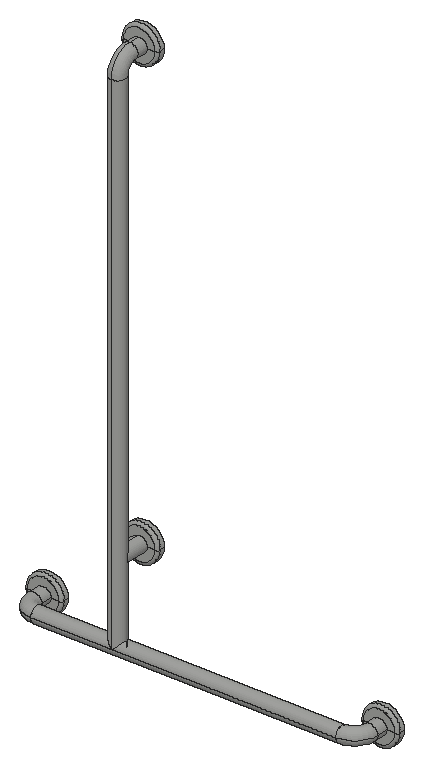
Revit family "RBA4806-711", category Plumbing Fixtures, Revit 2021
Family settings
  Round Connector Dimension = Use Diameter
  Part Type = Normal
  Work Plane-Based = No
  Always vertical = No
  Cut with Voids When Loaded = No
  Shared = No
  Room Calculation Point = No
Parameters (values of type "RBA4806-711-LH")
  Watermarked By = "www.rba.com.au"
  URL = "www.rba.com.au"
  Right Hand Rail = no
  Phone Number = "1300 788 778"
  OFFSET [instance] = 800 mm
  Modified Issue = "20161215.01"
  Model = "RBA4801-711-RH"
  Materials and Finishes = Brushed Gunmetal
  Manufacturer = "RBA Group"
  Left Hand Rail = yes
  Horizontal Rail = yes
  Diameter = 32 mm
  Description = "RTA SSS T-Rail Right Hand"
  Default Elevation = 0 mm
  Copyright by = "RBA Group"
Types (3, lengths in mm): name | Right Hand Rail | Left Hand Rail
  (no name) | no | yes
  RBA4806-711-LH | no | yes
  RBA4806-711-RH | yes | no
Reference planes
  plane 1 "Center (Front/Back)": y = 0
  plane 2: z = 0
  plane 3 "Center (Left/Right)": x = 0
  plane 4: z = 800
  plane 5: x = -500
  plane 6: x = 175
  plane 7: x = -16
  plane 8: x = 16
Forms (mm)
  Sweep 1, solid, material "Brushed Gunmetal" <- "Materials and Finishes", visible <- "Horizontal Rail"
    path origin (0, 0, 0) x (-1, 0, 0) y (0, -1, 0)
      loop
        line (-187.5, 10) -> (-187.5, 39)
        arc (-187.5, 39) -> (-178.127, 61.627) -> (-155.5, 71) r 32
        line (-155.5, 71) -> (480.5, 71)
        arc (480.5, 71) -> (503.127, 61.627) -> (512.5, 39) r 32
        line (512.5, 39) -> (512.5, 10)
    profile origin (187.5, -24.5, 0) x (1, 0, 0) y (0, 0, 1)
      loop
        circle (0, 784) r 16
  Revolve 2, solid, material "Brushed Gunmetal" <- "Materials and Finishes", visible <- "Horizontal Rail"
    sketch origin (12.98, 0, 784) x (-1, 0, 0) y (0, -1, 0)
      loop
        line (-175, 0) -> (-175, 15) -> (-208.179, 15)
        arc (-208.179, 15) -> (-212.295, 13.295) -> (-214, 9.179) r 5.821
        line (-214, 9.179) -> (-214, 0) -> (-175, 0)
      axis (-175, 15) -> (-175, 0)
    angle from 0 to 360
  Extrusion 3, solid, material "Brushed Gunmetal" <- "Materials and Finishes", visible <- "Horizontal Rail"
    sketch origin (100.48, 0, 0) x (-1, 0, 0) y (0, 0, -1)
      loop
        circle (-87.5, -784) r 37.5
    from 0 to 10
  Extrusion 4, solid, material "Brushed Gunmetal" <- "Materials and Finishes", visible <- "Horizontal Rail"
    sketch origin (-599.52, 0, 0) x (-1, 0, 0) y (0, 0, -1)
      loop
        circle (-87.5, -784) r 37.5
    from 0 to 10
  Extrusion 5, solid, material "Brushed Gunmetal" <- "Materials and Finishes", visible <- "Left Hand Rail"
    sketch origin (-399.52, 0, 1096) x (-1, 0, 0) y (0, 0, -1)
      loop
        circle (-87.5, -784) r 37.5
    from 0 to 10
  Extrusion 6, void
    sketch origin (12.98, 0, 1100) x (-1, 0, 0) y (0, 0, -1)
      loop
        circle (-151.428, 301.836) r 5
      loop
        circle (-151.428, 330.164) r 5
      loop
        circle (-198.572, 301.836) r 5
      loop
        circle (-174.52, 343.496) r 5
      loop
        circle (-198.572, 330.164) r 5
    from 0 to 10
  Extrusion 7, void
    sketch origin (-687.02, 0, 1100) x (-1, 0, 0) y (0, 0, -1)
      loop
        circle (-151.428, 301.836) r 5
      loop
        circle (-151.428, 330.164) r 5
      loop
        circle (-198.572, 301.836) r 5
      loop
        circle (-174.52, 343.496) r 5
      loop
        circle (-198.572, 330.164) r 5
    from 0 to 10
  Revolve 8, solid, material "Brushed Gunmetal" <- "Materials and Finishes", visible <- "Horizontal Rail"
    sketch origin (-687.02, 0, 784) x (-1, 0, 0) y (0, -1, 0)
      loop
        line (-175, 0) -> (-175, 15) -> (-208.179, 15)
        arc (-208.179, 15) -> (-212.295, 13.295) -> (-214, 9.179) r 5.821
        line (-214, 9.179) -> (-214, 0) -> (-175, 0)
      axis (-175, 15) -> (-175, 0)
    angle from 0 to 360
  Extrusion 9, solid, material "Brushed Gunmetal" <- "Materials and Finishes", visible <- "Left Hand Rail"
    sketch origin (-399.52, 0, 166) x (-1, 0, 0) y (0, 0, -1)
      loop
        circle (-87.5, -784) r 37.5
    from 0 to 10
  Revolve 10, solid, material "Brushed Gunmetal" <- "Materials and Finishes", visible <- "Left Hand Rail"
    sketch origin (-487.02, 0, 949.868) x (-1, 0, 0) y (0, -1, 0)
      loop
        line (-175, 0) -> (-175, 15) -> (-208.179, 15)
        arc (-208.179, 15) -> (-212.295, 13.295) -> (-214, 9.179) r 5.821
        line (-214, 9.179) -> (-214, 0) -> (-175, 0)
      axis (-175, 15) -> (-175, 0)
    angle from 0 to 360
  Extrusion 11, void
    sketch origin (-158, 0, 0) x (1, 0, 0) y (0, 0, 1)
      loop
        circle (-177.592, 964.164) r 5
      loop
        circle (-177.592, 935.836) r 5
      loop
        circle (-130.448, 964.164) r 5
      loop
        circle (-154.5, 922.504) r 5
      loop
        circle (-130.448, 935.836) r 5
    from 0 to 10
  Sweep 12, solid, material "Brushed Gunmetal" <- "Materials and Finishes", visible <- "Left Hand Rail"
    path origin (-312.5, 0, 0) x (0, 1, 0) y (0, 0, -1)
      loop
        line (-10, -1880) -> (-39, -1880)
        arc (-39, -1880) -> (-61.627, -1870.627) -> (-71, -1848) r 32
        line (-71, -1848) -> (-71, -784)
    profile origin (-312.5, -24.5, 1880) x (0, 0, 1) y (-1, 0, 0)
      loop
        circle (0, 0) r 16
  Sweep 13, solid, material "Brushed Gunmetal" <- "Materials and Finishes", visible <- "Left Hand Rail"
    path origin (-312.5, 0, 360) x (0, 1, 0) y (0, 0, -1)
      loop
        line (-71, -590) -> (-10, -590)
    profile origin (-312.5, -40.5, 950) x (0, 0, -1) y (-1, 0, 0)
      loop
        circle (0, 0) r 16
  Revolve 14, solid, material "Brushed Gunmetal" <- "Materials and Finishes", visible <- "Left Hand Rail"
    sketch origin (-487.02, 0, 1880) x (-1, 0, 0) y (0, -1, 0)
      loop
        line (-175, 0) -> (-175, 15) -> (-208.179, 15)
        arc (-208.179, 15) -> (-212.295, 13.295) -> (-214, 9.179) r 5.821
        line (-214, 9.179) -> (-214, 0) -> (-175, 0)
      axis (-175, 15) -> (-175, 0)
    angle from 0 to 360
  Extrusion 15, void
    sketch origin (0, 0, 0) x (1, 0, 0) y (0, 0, 1)
      loop
        circle (-335.592, 1894.164) r 5
      loop
        circle (-335.592, 1865.836) r 5
      loop
        circle (-288.448, 1894.164) r 5
      loop
        circle (-312.5, 1852.504) r 5
      loop
        circle (-288.448, 1865.836) r 5
    from 0 to 10
  Extrusion 16, solid, material "Brushed Gunmetal" <- "Materials and Finishes", visible <- "Right Hand Rail"
    sketch origin (-99.52, 0, 1096) x (-1, 0, 0) y (0, 0, -1)
      loop
        circle (-87.5, -784) r 37.5
    from 0 to 10
  Extrusion 17, solid, material "Brushed Gunmetal" <- "Materials and Finishes", visible <- "Right Hand Rail"
    sketch origin (-99.52, 0, 166) x (-1, 0, 0) y (0, 0, -1)
      loop
        circle (-87.5, -784) r 37.5
    from 0 to 10
  Revolve 18, solid, material "Brushed Gunmetal" <- "Materials and Finishes", visible <- "Right Hand Rail"
    sketch origin (-187.02, 0, 949.868) x (-1, 0, 0) y (0, -1, 0)
      loop
        line (-175, 0) -> (-175, 15) -> (-208.179, 15)
        arc (-208.179, 15) -> (-212.295, 13.295) -> (-214, 9.179) r 5.821
        line (-214, 9.179) -> (-214, 0) -> (-175, 0)
      axis (-175, 15) -> (-175, 0)
    angle from 0 to 360
  Extrusion 19, void
    sketch origin (142, 0, 0) x (1, 0, 0) y (0, 0, 1)
      loop
        circle (-177.592, 964.164) r 5
      loop
        circle (-177.592, 935.836) r 5
      loop
        circle (-130.448, 964.164) r 5
      loop
        circle (-154.5, 922.504) r 5
      loop
        circle (-130.448, 935.836) r 5
    from 0 to 10
  Sweep 20, solid, material "Brushed Gunmetal" <- "Materials and Finishes", visible <- "Right Hand Rail"
    path origin (-12.5, 0, 0) x (0, 1, 0) y (0, 0, -1)
      loop
        line (-10, -1880) -> (-39, -1880)
        arc (-39, -1880) -> (-61.627, -1870.627) -> (-71, -1848) r 32
        line (-71, -1848) -> (-71, -784)
    profile origin (-12.5, -24.5, 1880) x (0, 0, 1) y (-1, 0, 0)
      loop
        circle (0, 0) r 16
  Sweep 21, solid, material "Brushed Gunmetal" <- "Materials and Finishes", visible <- "Right Hand Rail"
    path origin (-12.5, 0, 360) x (0, 1, 0) y (0, 0, -1)
      loop
        line (-71, -590) -> (-10, -590)
    profile origin (-12.5, -40.5, 950) x (0, 0, -1) y (-1, 0, 0)
      loop
        circle (0, 0) r 16
  Revolve 22, solid, material "Brushed Gunmetal" <- "Materials and Finishes", visible <- "Right Hand Rail"
    sketch origin (-187.02, 0, 1880) x (-1, 0, 0) y (0, -1, 0)
      loop
        line (-175, 0) -> (-175, 15) -> (-208.179, 15)
        arc (-208.179, 15) -> (-212.295, 13.295) -> (-214, 9.179) r 5.821
        line (-214, 9.179) -> (-214, 0) -> (-175, 0)
      axis (-175, 15) -> (-175, 0)
    angle from 0 to 360
  Extrusion 23, void
    sketch origin (300, 0, 0) x (1, 0, 0) y (0, 0, 1)
      loop
        circle (-335.592, 1894.164) r 5
      loop
        circle (-335.592, 1865.836) r 5
      loop
        circle (-288.448, 1894.164) r 5
      loop
        circle (-312.5, 1852.504) r 5
      loop
        circle (-288.448, 1865.836) r 5
    from 0 to 10
Cuts and joins
  Extrusion 6 cuts Extrusion 3
  Extrusion 7 cuts Extrusion 4
  Extrusion 6 cuts Revolve 2
  Extrusion 7 cuts Revolve 8
  joined: Sweep 1, Revolve 2, Revolve 8
  Extrusion 11, Extrusion 19 cuts Extrusion 9
  Extrusion 11, Extrusion 19 cuts Revolve 10
  Extrusion 15, Extrusion 23 cuts Extrusion 5
  Extrusion 15, Extrusion 23 cuts Revolve 14
  Extrusion 19 cuts Extrusion 17
  Extrusion 19 cuts Revolve 18
  Extrusion 23 cuts Extrusion 16
  Extrusion 23 cuts Revolve 22
Dimensions and locks
  "OFFSET": plane 4 to level
  aligned and locked: level to plane 2
Automatic sketch dimensions
  plane 1 "Center (Front/Back)" to Sweep 1 sketch curve = 39 mm  (x2)
  plane 3 "Center (Left/Right)" to Sweep 1 sketch curve = 187.5 mm
  Sweep 1 sketch curve to Sweep 1 sketch curve = 32 mm
  Sweep 1 sketch curve to Sweep 1 sketch curve = 636 mm
  plane 1 "Center (Front/Back)" to Sweep 1 sketch curve = 10 mm  (x2)
  profile plane to Sweep 1 sketch curve = 0 mm
  profile plane to Sweep 1 sketch curve = 784 mm
  plane 1 "Center (Front/Back)" to Revolve 2 sketch curve = 0 mm  (x2)
  plane 1 "Center (Front/Back)" to Revolve 2 sketch curve = 9.179 mm
  plane 3 "Center (Left/Right)" to Revolve 2 sketch curve = 226.98 mm
  Revolve 2 sketch curve to Revolve 2 sketch curve = 5.821 mm
  Revolve 2 sketch curve to Revolve 2 sketch curve = 33.179 mm
  Revolve 2 sketch curve to Revolve 2 sketch curve = 0 mm
  Revolve 2 sketch curve to plane 1 "Center (Front/Back)" = 10 mm
  Extrusion 3 sketch curve to plane 4 = 16 mm
  plane 3 "Center (Left/Right)" to Extrusion 3 sketch curve = 187.98 mm
  Extrusion 4 sketch curve to plane 4 = 16 mm
  Extrusion 4 sketch curve to plane 3 "Center (Left/Right)" = 512.02 mm
  Extrusion 5 sketch curve to plane 3 "Center (Left/Right)" = 312.02 mm
  plane 4 to Extrusion 5 sketch curve = 1080 mm
  Extrusion 6 sketch curve to plane 4 = 1.836 mm  (x2)
  plane 3 "Center (Left/Right)" to Extrusion 6 sketch curve = 211.552 mm
  Extrusion 6 sketch curve to Extrusion 6 sketch curve = 0 mm  (x2)
  Extrusion 6 sketch curve to Extrusion 6 sketch curve = 24.052 mm
  Extrusion 6 sketch curve to Extrusion 6 sketch curve = 23.092 mm
  Extrusion 6 sketch curve to Extrusion 6 sketch curve = 28.327 mm  (x2)
  Extrusion 6 sketch curve to Extrusion 6 sketch curve = 13.332 mm
  Extrusion 7 sketch curve to plane 4 = 1.836 mm  (x2)
  Extrusion 7 sketch curve to plane 3 "Center (Left/Right)" = 488.448 mm
  Extrusion 7 sketch curve to Extrusion 7 sketch curve = 0 mm  (x2)
  Extrusion 7 sketch curve to Extrusion 7 sketch curve = 24.052 mm
  Extrusion 7 sketch curve to Extrusion 7 sketch curve = 23.092 mm
  Extrusion 7 sketch curve to Extrusion 7 sketch curve = 28.327 mm  (x2)
  Extrusion 7 sketch curve to Extrusion 7 sketch curve = 13.332 mm
  plane 1 "Center (Front/Back)" to Revolve 8 sketch curve = 0 mm  (x2)
  plane 1 "Center (Front/Back)" to Revolve 8 sketch curve = 9.179 mm
  Revolve 8 sketch curve to plane 3 "Center (Left/Right)" = 473.02 mm
  Revolve 8 sketch curve to Revolve 8 sketch curve = 5.821 mm
  Revolve 8 sketch curve to Revolve 8 sketch curve = 33.179 mm
  Revolve 8 sketch curve to Revolve 8 sketch curve = 0 mm
  Revolve 8 sketch curve to plane 1 "Center (Front/Back)" = 10 mm
  Extrusion 9 sketch curve to plane 7 = 296.02 mm
  plane 4 to Extrusion 9 sketch curve = 150 mm
  plane 1 "Center (Front/Back)" to Revolve 10 sketch curve = 0 mm  (x2)
  plane 1 "Center (Front/Back)" to Revolve 10 sketch curve = 9.179 mm
  Revolve 10 sketch curve to plane 7 = 257.02 mm
  Revolve 10 sketch curve to Revolve 10 sketch curve = 5.821 mm
  Revolve 10 sketch curve to Revolve 10 sketch curve = 33.179 mm
  Revolve 10 sketch curve to Revolve 10 sketch curve = 0 mm
  Revolve 10 sketch curve to Revolve 10 sketch curve = 10 mm
  Extrusion 11 sketch curve to plane 7 = 319.592 mm
  Extrusion 11 sketch curve to Extrusion 11 sketch curve = 0 mm  (x2)
  Extrusion 11 sketch curve to Extrusion 11 sketch curve = 23.092 mm
  Extrusion 11 sketch curve to Extrusion 11 sketch curve = 24.052 mm
  plane 4 to Extrusion 11 sketch curve = 122.504 mm
  Extrusion 11 sketch curve to Extrusion 11 sketch curve = 13.332 mm  (x2)
  Extrusion 11 sketch curve to Extrusion 11 sketch curve = 28.327 mm  (x2)
  plane 1 "Center (Front/Back)" to Sweep 12 sketch curve = 71 mm
  Sweep 12 sketch curve to Sweep 12 sketch curve = 32 mm
  plane 4 to Sweep 12 sketch curve = 1080 mm
  plane 1 "Center (Front/Back)" to Sweep 12 sketch curve = 10 mm
  Sweep 12 sketch curve to plane 4 = 16 mm
  Sweep 12 sketch curve to profile plane = 0 mm
  profile plane to Sweep 12 sketch curve = 0 mm
  plane 1 "Center (Front/Back)" to Sweep 13 sketch curve = 71 mm
  plane 1 "Center (Front/Back)" to Sweep 13 sketch curve = 10 mm
  plane 4 to Sweep 13 sketch curve = 150 mm
  Sweep 13 sketch curve to profile plane = 0 mm
  profile plane to Sweep 13 sketch curve = 0 mm
  plane 1 "Center (Front/Back)" to Revolve 14 sketch curve = 0 mm  (x2)
  plane 1 "Center (Front/Back)" to Revolve 14 sketch curve = 9.179 mm
  plane 5 to Revolve 14 sketch curve = 226.98 mm
  Revolve 14 sketch curve to Revolve 14 sketch curve = 5.821 mm
  Revolve 14 sketch curve to Revolve 14 sketch curve = 33.179 mm
  Revolve 14 sketch curve to Revolve 14 sketch curve = 0 mm
  Revolve 14 sketch curve to Revolve 14 sketch curve = 10 mm
  plane 5 to Extrusion 15 sketch curve = 164.408 mm
  Extrusion 15 sketch curve to Extrusion 15 sketch curve = 0 mm  (x2)
  Extrusion 15 sketch curve to Extrusion 15 sketch curve = 23.092 mm
  Extrusion 15 sketch curve to Extrusion 15 sketch curve = 24.052 mm
  plane 4 to Extrusion 15 sketch curve = 1052.504 mm
  Extrusion 15 sketch curve to Extrusion 15 sketch curve = 13.332 mm  (x2)
  Extrusion 15 sketch curve to Extrusion 15 sketch curve = 28.327 mm  (x2)
  plane 7 to Extrusion 16 sketch curve = 3.98 mm
  plane 4 to Extrusion 16 sketch curve = 1080 mm
  plane 7 to Extrusion 17 sketch curve = 3.98 mm
  plane 4 to Extrusion 17 sketch curve = 150 mm
  plane 1 "Center (Front/Back)" to Revolve 18 sketch curve = 0 mm  (x2)
  Revolve 18 sketch curve to plane 8 = 10.98 mm
  Revolve 18 sketch curve to plane 8 = 5.159 mm
  plane 7 to Revolve 18 sketch curve = 3.98 mm
  plane 1 "Center (Front/Back)" to Revolve 18 sketch curve = 9.179 mm
  Revolve 18 sketch curve to Revolve 18 sketch curve = 0 mm
  Revolve 18 sketch curve to Revolve 18 sketch curve = 10 mm
  Extrusion 19 sketch curve to plane 7 = 19.592 mm  (x2)
  plane 7 to Extrusion 19 sketch curve = 3.5 mm
  plane 8 to Extrusion 19 sketch curve = 4.448 mm  (x2)
  plane 4 to Extrusion 19 sketch curve = 122.504 mm
  Extrusion 19 sketch curve to Extrusion 19 sketch curve = 13.332 mm  (x2)
  Extrusion 19 sketch curve to Extrusion 19 sketch curve = 28.327 mm  (x2)
  plane 1 "Center (Front/Back)" to Sweep 20 sketch curve = 71 mm
  Sweep 20 sketch curve to Sweep 20 sketch curve = 32 mm
  plane 4 to Sweep 20 sketch curve = 1080 mm
  plane 1 "Center (Front/Back)" to Sweep 20 sketch curve = 10 mm
  Sweep 20 sketch curve to plane 4 = 16 mm
  Sweep 20 sketch curve to profile plane = 0 mm
  profile plane to Sweep 20 sketch curve = 0 mm
  plane 1 "Center (Front/Back)" to Sweep 21 sketch curve = 71 mm
  plane 1 "Center (Front/Back)" to Sweep 21 sketch curve = 10 mm
  plane 4 to Sweep 21 sketch curve = 150 mm
  Sweep 21 sketch curve to profile plane = 0 mm
  profile plane to Sweep 21 sketch curve = 0 mm
  plane 1 "Center (Front/Back)" to Revolve 22 sketch curve = 0 mm  (x2)
  Revolve 22 sketch curve to plane 8 = 10.98 mm
  Revolve 22 sketch curve to plane 8 = 5.159 mm
  plane 7 to Revolve 22 sketch curve = 3.98 mm
  plane 1 "Center (Front/Back)" to Revolve 22 sketch curve = 9.179 mm
  Revolve 22 sketch curve to Revolve 22 sketch curve = 0 mm
  Revolve 22 sketch curve to plane 1 "Center (Front/Back)" = 10 mm
  Extrusion 23 sketch curve to plane 7 = 19.592 mm  (x2)
  plane 7 to Extrusion 23 sketch curve = 3.5 mm
  plane 8 to Extrusion 23 sketch curve = 4.448 mm  (x2)
  plane 4 to Extrusion 23 sketch curve = 1052.504 mm
  Extrusion 23 sketch curve to Extrusion 23 sketch curve = 13.332 mm  (x2)
  Extrusion 23 sketch curve to Extrusion 23 sketch curve = 28.327 mm  (x2)
  radius of Sweep 1 sketch curve = 16 mm
  radius of Extrusion 3 sketch curve = 37.5 mm
  radius of Extrusion 4 sketch curve = 37.5 mm
  radius of Extrusion 5 sketch curve = 37.5 mm
  radius of Extrusion 6 sketch curve = 5 mm  (x5)
  radius of Extrusion 7 sketch curve = 5 mm  (x5)
  radius of Extrusion 9 sketch curve = 37.5 mm
  radius of Extrusion 11 sketch curve = 5 mm  (x5)
  radius of Sweep 12 sketch curve = 16 mm
  radius of Sweep 13 sketch curve = 16 mm
  radius of Extrusion 15 sketch curve = 5 mm  (x5)
  radius of Extrusion 16 sketch curve = 37.5 mm
  radius of Extrusion 17 sketch curve = 37.5 mm
  radius of Extrusion 19 sketch curve = 5 mm  (x5)
  radius of Sweep 20 sketch curve = 16 mm
  radius of Sweep 21 sketch curve = 16 mm
  radius of Extrusion 23 sketch curve = 5 mm  (x5)
